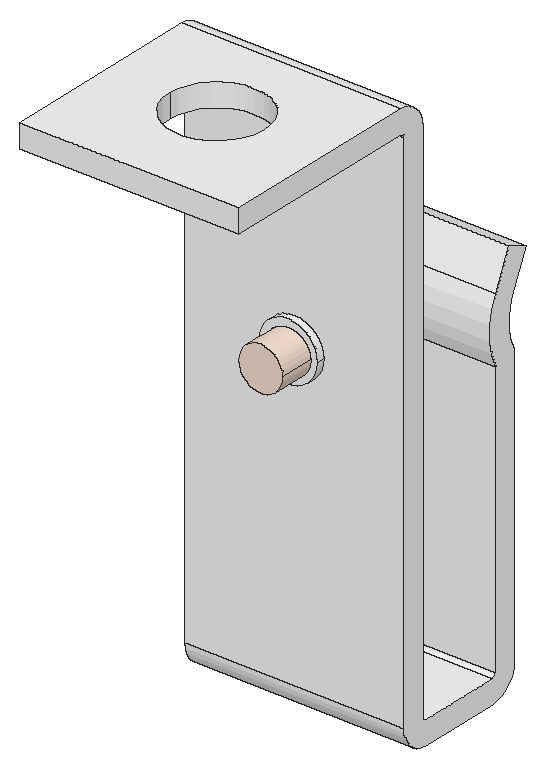
Revit family "RPハンガー4分用(C-38）", category 機械設備, Revit 2020
Family settings
  丸型コネクタ寸法 = 直径を使用
  種別 = なし
  パーツ タイプ = 標準
  作業面ベース = いいえ
  常に垂直 = はい
  ロード時にボイドで切り取り = いいえ
  共有 = いいえ
  部屋計算ポイント = いいえ
Parameters
  製造元 = "株式会社桐井製作所"
  既定の高さ = 0 mm
  URL = "https://www.kirii.co.jp/"
  K_板厚(mm) = 3.2 mm
  K_材質 = "SGHC一般用"
  K_品名 = "RPハンガー4分用(C-38)"
  K_名称 = "耐震ハンガー"
  K_入数 = "120"
  K_バージョン情報 = "20211216"
  K_めっき付着量 = "Z12"
  K_JIS規格 = "JIS G 3302"
Reference planes
  plane 1 "中心(正面/背面)": y = 0
  plane 2: z = 0
  plane 3 "中心(左/右)": x = 0
Forms (mm)
  Extrusion 1, solid
    sketch origin (-15, 0, -3.2) x (0, 1, 0) y (0, 0, 1)
      loop
        arc (-9.95, 76.8) -> (-9.596, 76.654) -> (-9.45, 76.301) r 0.5
        line (-9.45, 76.301) -> (-9.45, 3.7)
        arc (-9.45, 3.7) -> (-8.366, 1.084) -> (-5.75, 0) r 3.7
        line (-5.75, 0) -> (5.75, 0)
        arc (5.75, 0) -> (8.366, 1.084) -> (9.45, 3.7) r 3.7
        line (9.45, 3.7) -> (9.45, 41.2)
        arc (9.45, 41.2) -> (9.372, 41.904) -> (9.14, 42.574) r 3.2
        arc (9.14, 42.574) -> (8.438, 45.649) -> (9.097, 48.734) r 7.312
        line (9.097, 48.734) -> (11.412, 53.817) -> (8.501, 55.143) -> (6.25, 50.2)
        arc (6.25, 50.2) -> (5.238, 45.7) -> (6.25, 41.2) r 10.512
        line (6.25, 41.2) -> (6.25, 3.7)
        arc (6.25, 3.7) -> (6.104, 3.346) -> (5.747, 3.2) r 0.5
        line (5.747, 3.2) -> (-5.75, 3.2)
        arc (-5.75, 3.2) -> (-6.104, 3.346) -> (-6.25, 3.7) r 0.5
        line (-6.25, 3.7) -> (-6.25, 76.3)
        arc (-6.25, 76.3) -> (-7.334, 78.916) -> (-9.95, 80) r 3.7
        line (-9.95, 80) -> (-37.699, 80) -> (-37.699, 76.8) -> (-9.95, 76.8)
    from 0 to 30
  Extrusion 2, void
    sketch origin (0, 0, -3.2) x (1, 0, 0) y (0, 0, 1)
      loop
        arc (3.5, 46.695) -> (0, 50.2) -> (-3.5, 46.695) r 3.5
        line (-3.5, 46.695) -> (-3.5, 43.695)
        arc (-3.5, 43.695) -> (0, 40.2) -> (3.5, 43.695) r 3.5
        line (3.5, 43.695) -> (3.5, 46.695)
    from -11 to -4
  Extrusion 3, void
    sketch origin (0, -9.45, -3.2) x (0, 0, -1) y (1, 0, 0)
      loop
        circle (-45.2, 0) r 3
    from -6 to 3
  Extrusion 4, solid
    sketch origin (0, -9.45, -3.2) x (0, 0, -1) y (1, 0, 0)
      loop
        circle (-45.2, 0) r 3
      loop
        circle (-45.2, 0) r 4
    from 0 to 1
  Extrusion 5, void
    sketch origin (0, 0, 0) x (1, 0, 0) y (0, 1, 0)
      loop
        circle (0, -22.699) r 6.5
    from 70 to 80
Cuts and joins
  Extrusion 2, Extrusion 3, Extrusion 5 cuts Extrusion 1
  Extrusion 3 cuts Extrusion 4
Dimensions and locks
  aligned and locked: level to plane 2
Nested families
  nested 1: "M6×25ボルト" at (0, 9.82, 42.149) x (-1, 0, 0) z (0, 0, 1), type "M6×25ボルト"
Definition of nested family "M6×25ボルト"
  Parameters (values of type "M6×25ボルト")
    Manufacturer = "株式会社桐井製作所"
    Default Elevation = 0 mm
    URL = "https://www.kirii.co.jp/"
    K_材料規格 = "M6×L25"
    K_品名 = "M6×25ボルト"
    K_名称 = "ボルト"
  Reference planes
    plane 1 "中心(正面/背面)": y = 0
    plane 2: z = 0
    plane 3 "中心(左/右)": x = 0
    plane 4: x = 10
    plane 5: x = -10
    plane 6 "正面": y = -4
  Forms (mm)
    Extrusion 1, solid
      sketch origin (0, 0, 0) x (1, 0, 0) y (0, 0, 1)
        loop
          line (-4.763, -2.946) -> (0, -5.696) -> (4.763, -2.946) -> (4.763, 2.554) -> (0, 5.304) -> (-4.763, 2.554) -> (-4.763, -2.946)
      from 0 to 4
    Extrusion 2, void
      sketch origin (0, -4, 0) x (-1, 0, 0) y (0, 0, 1)
        loop
          circle (0, -0.156) r 4.396
      from 0 to 1
    Extrusion 3, void
      sketch origin (0, -4, 0) x (-1, 0, 0) y (0, 0, 1)
        loop
          arc (-0.6, 1.814) -> (-1.069, 0.856) -> (-2.036, 0.404) r 1.605
          line (-2.036, 0.404) -> (-2.939, 0.404)
          arc (-2.939, 0.404) -> (-3, -0.195) -> (-2.94, -0.795) r 3
          line (-2.94, -0.795) -> (-2.049, -0.795)
          arc (-2.049, -0.795) -> (-1.074, -1.243) -> (-0.6, -2.206) r 1.605
          line (-0.6, -2.206) -> (-0.6, -3.135)
          arc (-0.6, -3.135) -> (0, -3.196) -> (0.6, -3.135) r 3
          line (0.6, -3.135) -> (0.6, -2.206)
          arc (0.6, -2.206) -> (1.074, -1.243) -> (2.049, -0.795) r 1.605
          line (2.049, -0.795) -> (2.94, -0.795)
          arc (2.94, -0.795) -> (3, -0.198) -> (2.941, 0.398) r 3
          line (2.941, 0.398) -> (2.117, 0.398)
          arc (2.117, 0.398) -> (1.098, 0.828) -> (0.6, 1.814) r 1.605
          line (0.6, 1.814) -> (0.6, 2.743)
          arc (0.6, 2.743) -> (0, 2.804) -> (-0.6, 2.743) r 3
          line (-0.6, 2.743) -> (-0.6, 1.814)
      from 0 to 2
    Extrusion 4, solid
      sketch origin (0, 0, 0) x (1, 0, 0) y (0, 0, 1)
        loop
          circle (-0.011, -0.2) r 3
      from 0 to -25
  Cuts and joins
    Extrusion 2, Extrusion 3 cuts Extrusion 1
    joined: Extrusion 1, Extrusion 4
  Dimensions and locks
    aligned and locked: level to plane 2
